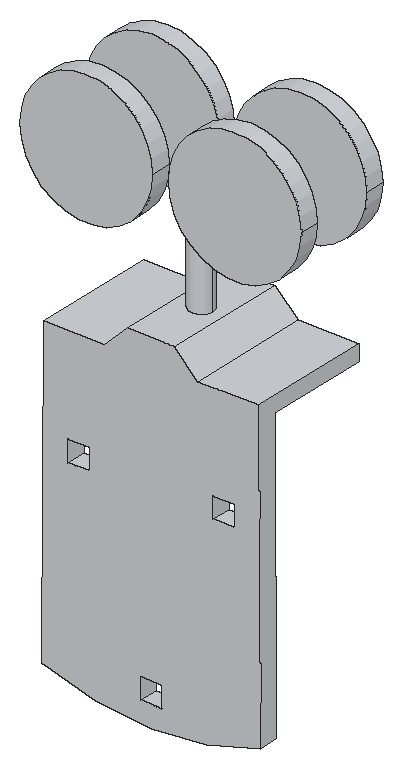
Revit family "087100_14 - Sliding and Folding Door Hardware - 5040 Box Rail Hangers", category Generic Models, Revit 2017
Family settings
  Can host rebar = No
  Round Connector Dimension = Use Diameter
  Part Type = Normal
  Work Plane-Based = Yes
  Always vertical = No
  Cut with Voids When Loaded = No
  Shared = No
  Room Calculation Point = No
Parameters
  Default Elevation = 4' - 0"
  Bracket Material = none
Reference planes (in)
  plane 1 "Center (Front/Back)": y = 0
  plane 2: z = 0
  plane 3 "Center (Left/Right)": x = 0
  plane 4: z = -1.47582
  plane 5: z = -4.47724
Forms (in)
  Extrusion 1, solid, material <- "Bracket Material"
    sketch origin (-100.50115, -0.5, -100.45825) x (1, 0, 0) y (0, 0, 1)
      loop
        circle (99.31421, 103.28601) r 1.06629
      loop
        circle (101.69034, 103.28601) r 1.06629
    from 0 to 0.3125
  Extrusion 2, solid, material <- "Bracket Material"
    sketch origin (-36.89445, -10.9108, -85.29582) x (1, 0, 0) y (0, 1, 0)
      loop
        circle (36.89186, 10.9108) r 0.1875
    from 85.29582 to 88.19162
  Extrusion 3, solid, material <- "Bracket Material"
    sketch origin (-101.82907, 1, -101.78618) x (1, 0, 0) y (0, 0, 1)
      loop
        line (100.10661, 101.78618) -> (101.18227, 101.78618) -> (101.55244, 102.15635) -> (102.10569, 102.15635) -> (102.47587, 101.78618) -> (103.55153, 101.78618) -> (103.55001, 102.03618) -> (102.57943, 102.03618) -> (102.20924, 102.40635) -> (101.44889, 102.40635) -> (101.07872, 102.03618) -> (100.10813, 102.03618) -> (100.10661, 101.78618)
    from 0 to 2
  Extrusion 4, solid, material <- "Bracket Material"
    sketch origin (-102.58341, -0.6875, -102.68516) x (1, 0, 0) y (0, 0, 1)
      loop
        arc (100.83259, 98.01695) -> (102.58341, 97.68268) -> (104.33422, 98.01695) r 4.75226
        line (104.33422, 98.01695) -> (104.30435, 102.93516) -> (103.33376, 102.93516) -> (102.96358, 103.30533) -> (102.20322, 103.30533) -> (101.83305, 102.93516) -> (100.86246, 102.93516) -> (100.83259, 98.01695)
      loop
        line (101.25128, 101.38093) -> (101.25128, 101.03776) -> (101.59444, 101.03776) -> (101.59444, 101.38093) -> (101.25128, 101.38093)
      loop
        line (103.57238, 101.38093) -> (103.57238, 101.03776) -> (103.91554, 101.03776) -> (103.91554, 101.38093) -> (103.57238, 101.38093)
      loop
        line (102.41183, 98.37951) -> (102.41183, 98.03634) -> (102.75499, 98.03634) -> (102.75499, 98.37951) -> (102.41183, 98.37951)
    from 0 to 0.3125
  Extrusion 5, solid, material <- "Bracket Material"
    sketch origin (-100.50115, 0.5, -100.45825) x (1, 0, 0) y (0, 0, -1)
      loop
        circle (99.31421, -103.28601) r 1.06629
      loop
        circle (101.69034, -103.28601) r 1.06629
    from 0 to 0.3125
Cuts and joins
  joined: Extrusion 3, Extrusion 4
Dimensions and locks (in)
  aligned and locked: plane 2 to level
